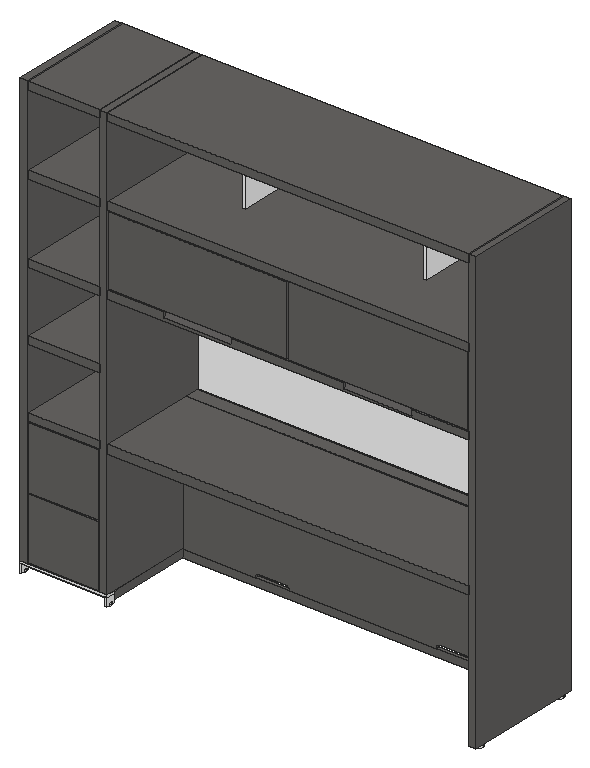
Revit family "Storage-Wall-Teknion-ZXLO_90_High_With_Lights-R2011", category Furniture Systems, Revit 2013
Parameters (values of type "(See Type Catalog)")
  Working Wall Finish [instance] = Glass - Teknion - K6 - White Backpainted
  Width = 92.642"
  Warranty = "http://www.teknionstudio.com/pdfs/Teknion%20Studio%20Warranty.pdf"
  Wall Unit Finish [instance] = Veneer - Teknion - P7 - Grey Oak
  Voltage = 120 V
  Unit Weight = 755.00 lbf
  URL = "www.teknionstudio.com"
  Storage Tower = Storage-Unit-Teknion-Tower : Upper Shelves & File/File Pedestal
  Series = "B&B Italia"
  Product Page URL = "http://www.teknionstudio.com/acexecutive/"
  Product Line = "AC Executive"
  Product Documentation Link = "http://www.teknionstudio.com/pricing/ac_executive_storage_walls_ppg.pdf"
  Power Factor = 1
  Part Number = "ZXLO"
  Number of Poles = 1
  Model = ""
  Manufacturer Phone = "919-464-2920"
  Manufacturer Fax = "919-464-2927"
  Manufacturer Email = "customersupport@teknionstudio.com"
  Manufacturer Address = "3940 US 70 Business HWY West, Clayton, NC 27520"
  Manufacturer = "Teknion Studio"  # constant formula
  Low Emitting Material = yes
  Low Emitting Finish = yes
  Height = 89 123/128"
  Description = ""
  Depth = 24"
  Assembly Code = "E2020200"
  Apparent Load = 22.8 VA
Reference planes (in)
  plane 1 "Center F/B": y = 0
  plane 2: z = 0
  plane 3 "Back": y = 12
  plane 4 "Front": y = -12
  plane 5 "DoorsTop": z = 73.81394
  plane 6: x = 28.60446
  plane 7: z = 29.68402
  plane 8: z = 56.1289
  plane 9: x = -44.7815
  plane 10: z = 2.1289
  plane 11: x = -8.08858
  plane 12 "Foot Centerline": y = -11.2126
  plane 13 "Foot Centerline Front": y = -10.22835
  plane 14 "Foot Centerline Back": y = 10.22835
  plane 15: y = -8.484
  plane 16: x = -62.49817
  plane 17: x = 30.14383
  plane 18 "Center L/R": x = -16.17717
  plane 19 "Top": z = 89.96094
Forms (in)
  Sweep 1, solid, material "Veneer - Teknion - P7 - Grey Oak" <- "Wall Unit Finish"
    path origin (0, 0, 0) x (1, 0, 0) y (0, 0, 1)
      loop
        line (-44.7815, 29.68402) -> (28.60446, 29.68402)
    profile origin (-8.08852, 0, 29.68402) x (0, 0, 1) y (0, -1, 0)
      loop
        line (0, 12) -> (-1.7638, 12) -> (-1.7638, -7.11393) -> (-5.30827, -7.11393) -> (-5.30827, -7.08268) -> (-27.55512, -7.08268) -> (-27.55512, -7.11393) -> (-29.0945, -7.11393) -> (-29.0945, -7.80668) -> (-5.30828, -7.80668) -> (-5.30828, -12) -> (44.12992, -12) -> (44.12992, 12) -> (42.59022, 12) -> (42.59022, 11.2126) -> (27.98392, 11.2126) -> (27.98392, 12) -> (26.44488, 12) -> (26.44488, -10.94094) -> (0, -10.94094) -> (0, -10.90969) -> (-0.72441, -10.90969) -> (-0.72441, -10.56693) -> (0, -10.56693) -> (0, -8.05709) -> (-0.72441, -8.05709) -> (-0.72441, -7.80709) -> (0, -7.80709) -> (0, 12)
      loop
        line (60.27692, -12) -> (60.27692, 12) -> (58.73755, 12) -> (58.73755, -12) -> (60.27692, -12)
  Sweep 2, solid, material "Veneer - Teknion - P7 - Grey Oak" <- "Wall Unit Finish"
    path origin (0, 0, 15.40683) x (-1, 0, 0) y (0, -1, 0)
      loop
        line (0, 12) -> (0, 11.276)
    profile origin (0, -11.638, 15.40683) x (-1, 0, 0) y (0, 0, 1)
      loop
        line (44.5315, 42.5111) -> (44.5315, 56.6174) -> (8.21358, 56.6174) -> (8.21358, 42.5111) -> (44.5315, 42.5111)
      loop
        line (7.96358, 56.6174) -> (-28.35446, 56.6174) -> (-28.35446, 42.5111) -> (7.96358, 42.5111) -> (7.96358, 56.6174)
  Sweep 3, void
    path origin (0, 0, 0) x (1, 0, 0) y (0, 0, 1)
      loop
        line (-33.3248, 56.1289) -> (-19.54528, 56.1289)
    profile origin (-26.43504, 0, 56.1289) x (0, 0, 1) y (0, -1, 0)
      loop
        line (1.53937, 12) -> (0.43699, 12) -> (1.53937, 11.52755) -> (1.53937, 12)
  Sweep 4, void
    path origin (0, 0, 0) x (1, 0, 0) y (0, 0, 1)
      loop
        line (3.36811, 56.1289) -> (17.14764, 56.1289)
    profile origin (10.25787, 0, 56.1289) x (0, 0, 1) y (0, -1, 0)
      loop
        line (1.53937, 11.52755) -> (1.53937, 12) -> (0.43699, 12) -> (1.53937, 11.52755)
  Sweep 5, void
    path origin (0, 0, 15.40683) x (-1, 0, 0) y (0, -1, 0)
      loop
        line (0, -7.80668) -> (0, -7.08268)
    profile origin (0, 7.44468, 15.40683) x (1, 0, 0) y (0, 0, 1)
      loop
        line (13.68307, 8.96892) -> (6.79331, 8.96892) -> (6.79331, 8.10396)
        arc (6.79331, 8.10396) -> (7.02393, 7.54718) -> (7.58071, 7.31655) r 0.7874
        line (7.58071, 7.31655) -> (12.89567, 7.31655)
        arc (12.89567, 7.31655) -> (13.45245, 7.54718) -> (13.68307, 8.10396) r 0.7874
        line (13.68307, 8.10396) -> (13.68307, 8.96892)
      loop
        line (6.79331, -13.27793) -> (13.68307, -13.27793) -> (13.68307, -13.12045)
        arc (13.68307, -13.12045) -> (13.46398, -12.59152) -> (12.93504, -12.37242) r 0.74803
        line (12.93504, -12.37242) -> (7.54134, -12.37242)
        arc (7.54134, -12.37242) -> (7.0124, -12.59152) -> (6.79331, -13.12045) r 0.74803
        line (6.79331, -13.12045) -> (6.79331, -13.27793)
      loop
        line (-29.86024, 8.96892) -> (-29.86024, 8.10396)
        arc (-29.86024, 8.10396) -> (-29.62961, 7.54718) -> (-29.07283, 7.31655) r 0.7874
        line (-29.07283, 7.31655) -> (-23.75787, 7.31655)
        arc (-23.75787, 7.31655) -> (-23.2011, 7.54718) -> (-22.97047, 8.10396) r 0.7874
        line (-22.97047, 8.10396) -> (-22.97047, 8.96892) -> (-29.86024, 8.96892)
      loop
        line (-22.97047, -13.27793) -> (-22.97047, -13.12045)
        arc (-22.97047, -13.12045) -> (-23.18957, -12.59152) -> (-23.7185, -12.37242) r 0.74803
        line (-23.7185, -12.37242) -> (-29.1122, -12.37242)
        arc (-29.1122, -12.37242) -> (-29.64114, -12.59152) -> (-29.86024, -13.12045) r 0.74803
        line (-29.86024, -13.12045) -> (-29.86024, -13.27793) -> (-22.97047, -13.27793)
  Revolve 6, solid, material "Metal - Teknion - C6 - Chrome"
    sketch origin (0, -10.22835, 0) x (0, 0, 1) y (1, 0, 0)
      loop
        line (0, 29.37415) -> (0, 28.63616) -> (0.23622, 28.63616) -> (0.23622, 29.09181) -> (0.58951, 29.09181) -> (0.58951, 29.37415) -> (0, 29.37415)
      axis (0, 29.37415) -> (0.58951, 29.37415)
    angle from 0 to 360
  Revolve 7, solid, material "Metal - Teknion - C6 - Chrome"
    sketch origin (0, 10.22835, 0) x (0, 0, 1) y (1, 0, 0)
      loop
        line (0, 29.37415) -> (0, 28.63616) -> (0.23622, 28.63616) -> (0.23622, 29.09181) -> (0.58951, 29.09181) -> (0.58951, 29.37415) -> (0, 29.37415)
      axis (0, 29.37415) -> (0.58951, 29.37415)
    angle from 0 to 360
  Sweep 8, solid, material "Veneer - Teknion - P7 - Grey Oak" <- "Wall Unit Finish"
    path origin (-16.17717, 0, 15.40683) x (1, 0, 0) y (0, 1, 0)
      loop
        line (0, 12) -> (0, -12)
    profile origin (-16.17717, 0, 15.40683) x (1, 0, 0) y (0, 0, 1)
      loop
        line (46.321, -14.81732) -> (46.321, 74.55411) -> (44.78163, 74.55411) -> (44.78163, -14.81732) -> (46.321, -14.81732)
  Sweep 9, solid, material "Acrylic - Teknion - Clear"
    path origin (1.7231, 0, 16.35352) x (-1, 0, 0) y (0, -1, 0)
      loop
        line (17.90027, -11.25197) -> (17.90027, 0.16535)
    profile origin (-16.17717, 5.54331, 16.35352) x (1, 0, 0) y (0, 0, 1)
      loop
        line (-10.56841, 72.06711) -> (-10.56841, 57.46041) -> (-9.97392, 57.46041) -> (-9.97392, 72.06711) -> (-10.56841, 72.06711)
      loop
        line (26.15108, 72.06711) -> (26.15108, 57.46041) -> (26.74557, 57.46041) -> (26.74557, 72.06711) -> (26.15108, 72.06711)
Cuts and joins
  Sweep 3, Sweep 4, Sweep 5 cuts Sweep 1
Lines and regions (in)
  Masking region 1
    outline origin (0, 0, 15.40683) x (-1, 0, 0) y (0, -1, 0)
      loop
        line (44.7815, -12) -> (44.7815, 12) -> (-30.14383, 12) -> (-30.14383, -12) -> (44.7815, -12)
  symbolic lines, style "Elevation Swing"
    curve 1: line (-44.7815, -12, 57.66827) -> (-26.43504, -12, 72.02424)
    curve 2: line (-8.08858, -12, 57.66832) -> (-26.43504, -12, 72.02424)
    curve 3: line (-8.08858, 0, 57.66832) -> (10.25794, 0, 72.19583)
    curve 4: line (10.25794, 0, 72.19583) -> (28.60446, 0, 57.66827)
  symbolic lines, detail levels medium+fine
    curve 5: line (-44.7815, 12, 15.40683) -> (-44.7815, -12, 15.40683)
  symbolic lines, style "FurnitureSystemsHiddenLines", detail levels fine
    curve 6: line (28.60446, -11.276, 15.40683) -> (-44.7815, -11.276, 15.40683)
Dimensions and locks (in)
  equal spacing: plane 3 "Back", plane 1 "Center F/B", plane 4 "Front"
  "Depth": plane 3 "Back" to plane 4 "Front"
  "Height": plane 19 "Top" to plane 2
  locked: plane 7 to plane 2 at 29.68402
  locked: plane 8 to plane 7 at 26.44488
  locked: plane 10 to plane 2 at 2.1289
  locked: plane 4 "Front" to plane 12 "Foot Centerline" at 0.7874
  locked: plane 10 to Sweep 1 sketch curve at 1.53939
  locked: plane 7 to Sweep 1 sketch curve at 1.7638
  locked: plane 4 "Front" to Sweep 2 sketch curve at 0.724
  plane 5 "DoorsTop" to Sweep 2 sketch curve to Sweep 2 sketch curve = 1.7897", 14.1063"  (x2)
  Sweep 2 sketch curve to Sweep 2 sketch curve to Sweep 2 sketch curve to Sweep 2 sketch curve = 36.31805", 1/4", 36.31791"
  locked: Sweep 3 sketch curve to Sweep 3 sketch curve at 13.77953
  locked: Sweep 3 sketch curve to plane 8 at 1.53937
  locked: Sweep 3 sketch curve to plane 8 at 0.43699
  locked: plane 4 "Front" to Sweep 3 sketch curve at 0.47245
  Sweep 4 sketch curve to Sweep 4 sketch curve to plane 8 = 1.10238" locked, 0.43699" locked
  locked: plane 4 "Front" to Sweep 4 sketch curve at 0.47245
  locked: Sweep 5 sketch curve to plane 10 at 0.90551  (x2)
  locked: Sweep 5 sketch curve to Sweep 5 sketch curve at 6.88976  (x4)
  plane 7 to Sweep 5 sketch curve to Sweep 5 sketch curve = 5.30827" locked, 1 167/256" locked  (x2)
  plane 3 "Back" to Sweep 5 sketch curve to Sweep 5 sketch curve = 4.19332" locked, 0.724" locked
  Revolve 6 sketch curve to Revolve 6 sketch curve to plane 2 = 0.35329" locked, 0.23622" locked
  Revolve 7 sketch curve to Revolve 7 sketch curve to plane 2 = 0.35329" locked, 0.23622" locked
  equal spacing: plane 11, curve 2, plane 9
  equal spacing: plane 6, curve 4, plane 11
  locked: plane 4 "Front" to curve 6 at 0.724
  locked: plane 3 "Back" to plane 14 "Foot Centerline Back" at 1.77165
  locked: plane 4 "Front" to plane 13 "Foot Centerline Front" at 1.77165
  locked: plane 4 "Front" to plane 15 at 3.516
  locked: plane 6 to plane 17 at 1.53937
  locked: plane 16 to plane 9 at 17.71667
  "Width": plane 16 to plane 17
  locked: plane 18 "Center L/R" to plane 11 at 8.08858
  equal spacing: plane 16, plane 18 "Center L/R", plane 17
  locked: plane 17 to Revolve 6 sketch curve at 0.76969
  locked: Sweep 8 sketch curve to plane 2 at 0.58951
  locked: Revolve 7 sketch curve to plane 17 at 0.76969
  locked: plane 19 "Top" to plane 5 "DoorsTop" at 16.147
  locked: Sweep 9 sketch curve to Sweep 9 sketch curve at 11.41732
  locked: Sweep 9 sketch curve to Sweep 9 sketch curve at 0.59449  (x2)
  locked: Sweep 9 sketch curve to plane 11 at 18.0625
  locked: plane 3 "Back" to Sweep 9 sketch curve at 0.74803
  equal spacing: Sweep 9 sketch curve, plane 11, Sweep 9 sketch curve
  locked: plane 19 "Top" to Sweep 9 sketch curve at 1.54031  (x2)
  locked: plane 19 "Top" to Sweep 1 sketch curve at 1.53937
  locked: plane 5 "DoorsTop" to Sweep 1 sketch curve at 1.5397
  locked: Sweep 1 sketch curve to plane 8 at 1.53904
  aligned and locked: level to plane 2
  aligned and locked: plane 9 to Sweep 1 sketch curve
  aligned and locked: plane 6 to Sweep 1 sketch curve
  aligned and locked: Sweep 1 sketch curve to plane 7  (x4)
  aligned and locked: Sweep 1 sketch curve to plane 4 "Front"  (x2)
  aligned and locked: plane 3 "Back" to Sweep 1 sketch curve  (x2)
  aligned and locked: plane 4 "Front" to Sweep 2 sketch curve
  aligned and locked: Sweep 1 sketch curve to plane 8
  aligned and locked: Sweep 3 sketch curve to plane 8
  aligned and locked: Sweep 4 sketch curve to plane 8
  aligned and locked: Sweep 4 sketch curve to plane 4 "Front"
  aligned and locked: Sweep 5 sketch curve to plane 10
  aligned and locked: plane 2 to Revolve 6 sketch curve
  aligned and locked: Revolve 7 sketch curve to plane 2
  aligned and locked: plane 9 to curve 1
  aligned and locked: plane 11 to curve 2
  aligned and locked: Sweep 2 to curve 2
  aligned and locked: plane 6 to curve 4
  aligned and locked: plane 11 to curve 3
  aligned and locked: Masking region 1 sketch curve to plane 3 "Back"
  aligned and locked: Masking region 1 sketch curve to plane 4 "Front"
  aligned and locked: plane 3 "Back" to curve 5
  aligned and locked: plane 4 "Front" to curve 5
  aligned and locked: curve 5 to plane 9
  aligned and locked: plane 6 to curve 6
  aligned and locked: plane 4 "Front" to Sweep 3 sketch curve
  aligned and locked: Sweep 1 sketch curve to plane 5 "DoorsTop"
  aligned and locked: plane 12 "Foot Centerline" to Sweep 1 sketch curve
  aligned and locked: plane 4 "Front" to Sweep 1 sketch curve  (x2)
  aligned: plane 8 to nested 1
  aligned: plane 11 to nested 1
  aligned and locked: nested 1 to plane 15
  aligned and locked: plane 8 to nested 1
  aligned and locked: plane 11 to nested 1
  aligned and locked: plane 10 to Sweep 5 sketch curve
  aligned and locked: plane 9 to Masking region 1 sketch curve
  aligned and locked: plane 17 to Masking region 1 sketch curve
  aligned and locked: nested 2 to plane 1 "Center F/B"
  aligned and locked: nested 2 to plane 9
  aligned and locked: nested 2 to plane 2
  aligned and locked: Revolve 6 sketch curve to Revolve 6 sketch curve
  aligned and locked: Sweep 8 sketch curve to plane 17
  aligned and locked: Sweep 8 sketch curve to plane 6
  aligned and locked: Revolve 7 sketch curve to Revolve 7 sketch curve
  aligned and locked: plane 18 "Center L/R" to Sweep 9 sketch curve
  aligned and locked: plane 5 "DoorsTop" to Sweep 9 sketch curve  (x2)
  aligned and locked: Sweep 1 sketch curve to plane 19 "Top"
  aligned and locked: plane 19 "Top" to Sweep 8 sketch curve
Automatic sketch dimensions
  plane 8 to curve 4 = 1.53937"
  plane 8 to curve 3 = 1.53942"
  curve 4 to plane 5 "DoorsTop" = 1.61811"
  plane 8 to curve 2 = 1.53942"
  plane 8 to curve 1 = 1.53937"
  Sweep 4 sketch curve to plane 6 = 11.45683"
  Sweep 5 sketch curve to Sweep 5 sketch curve = 0.74803"  (x4)
  Sweep 5 sketch curve to Sweep 5 sketch curve = 0.7874"  (x5)
  plane 4 "Front" to Sweep 8 sketch curve = 0"
  Sweep 8 sketch curve to plane 3 "Back" = 0"
  Sweep 8 sketch curve to plane 11 = 8.08858"
  plane 11 to Sweep 2 sketch curve = 8.08858"
  plane 11 to Sweep 4 sketch curve = 11.45669"
  plane 11 to Sweep 5 sketch curve = 8.08858"
  profile plane to Sweep 5 sketch curve = 29.86024"
  Sweep 5 sketch curve to profile plane = 6.79331"  (x2)
  Revolve 6 sketch curve to level = 0"
  plane 10 to Revolve 6 sketch curve = 0.71099"
  plane 6 to Revolve 6 sketch curve = 0.03169"
  Revolve 6 sketch curve to Revolve 6 sketch curve = 0.28234"
  Revolve 7 sketch curve to level = 0"
  Revolve 7 sketch curve to plane 10 = 161/256"
  plane 6 to Revolve 7 sketch curve = 0.03169"
  Revolve 7 sketch curve to Revolve 7 sketch curve = 0.28234"
  Sweep 1 sketch curve to Sweep 1 sketch curve = 1.53939"
  Sweep 1 sketch curve to Sweep 1 sketch curve = 3.54449"
  Sweep 1 sketch curve to Sweep 1 sketch curve = 0"
  profile plane to Sweep 1 sketch curve = 0.72441"  (x2)
  Sweep 1 sketch curve to plane 1 "Center F/B" = 10.94094"
  Sweep 1 sketch curve to Sweep 1 sketch curve = 1/32"  (x2)
  Sweep 1 sketch curve to Sweep 1 sketch curve = 0.34277"
  Sweep 1 sketch curve to Sweep 1 sketch curve = 2.50984"
  Sweep 1 sketch curve to Sweep 1 sketch curve = 1/4"
  Sweep 1 sketch curve to Sweep 1 sketch curve = 4.19332"
  Sweep 1 sketch curve to Sweep 1 sketch curve = 0.69316"
  Sweep 1 sketch curve to Sweep 1 sketch curve = 0.69275"
Nested families (in)
  nested 1: "Lighting-Teknion-Storage_Wall" at (-8.08858, 0.12401, 56.1289), type "Lighting-Teknion-Storage_Wall"
  nested 2: "Storage-Unit-Teknion-Tower" at (-53.63976, 0, 0) x (-1, 0, 0) z (0, 0, 1), type <- "Storage Tower", Height <- "Height", type "Upper Shelves & File/File Pedestal"
    with Height 89 123/128", Has Top Shelf yes, Bottom Drawer Height 13.047"
Connectors (in)
  electrical at (-8.08852, 12, 49.09483), driven by "Number of Poles", driven by "Voltage", driven by "Apparent Load", driven by "Power Factor"
    settings: on cut or joined group of Sweep 1, Sweep 3, Sweep 4, Sweep 5, index 1, voltage 120 V, apparent load 0 VA, apparent load phase1 22.8 VA, apparent load phase2 0 VA, apparent load phase3 0 VA, power factor 1, load classification "Other", number of poles 1, system type 31, power factor state 1, is connector primary yes, connector utility no, sub classification motor no, connector description "Electrical Connector"
Definition of nested family "Lighting-Teknion-Storage_Wall"
  Parameters (values of type "Lighting-Teknion-Storage_Wall")
    Wattage = 4.03926 W
    built-in parameter 1150110 = 1 (stored number, unit not read)
    built-in parameter 1114217 = 1 (stored number, unit not read)
    built-in parameter 1150109 = 1 (stored number, unit not read)
    built-in parameter 1150134 = 1
    built-in parameter 1150113 = 1 (stored number, unit not read)
    Offset From Reference Level = 0"
    Lumens = 600 lm
    built-in parameter 1150115 = 1 (stored number, unit not read)
    built-in parameter 1150105 = 190.99 (stored number, unit not read)
    Light Source Symbol Size = 3"
    built-in parameter 1150137 = (empty or 0)
    built-in parameter 1150139 = (empty or 0)
    built-in parameter 1150112 = 1 (stored number, unit not read)
    built-in parameter 1150114 = 1 (stored number, unit not read)
    built-in parameter 1150132 = 2
    built-in parameter 1150102 = (empty or 0)
    built-in parameter 1150138 = (empty or 0)
    built-in parameter 1150107 = 6500 (stored number, unit not read)
    built-in parameter 1150106 = 1.9099 (stored number, unit not read)
    Emit from Line Length = 68"
    built-in parameter 1150104 = 13.8 (stored number, unit not read)
    Dimming Lamp Color Temperature Shift = 1
    Default Elevation = 48"
    Color Filter = 16776172
    built-in parameter 1114218 = 1 (stored number, unit not read)
    built-in parameter 1150133 = 10 (stored number, unit not read)
    Assembly Code = ""
  Reference planes (in)
    plane 1 "Light Source Axis (F/B)": y = -8.60801
    plane 2: z = 0
    plane 3 "Light Source Axis (L/R)": x = 0
    plane 4 "Light Source Elevation": z = 0
    plane 5: z = 0
    plane 6: x = -36.6875
    plane 7: x = 36.6875
  Forms (in)
    Sweep 1, solid, material "Glass - Teknion - CL - Clear"
      path origin (0, 0, 0) x (1, 0, 0) y (0, 1, 0)
        loop
          line (-36.6875, -8.60801) -> (36.6875, -8.60801)
      profile origin (0, -8.60801, 0) x (0, 1, 0) y (0, 0, 1)
        loop
          line (-0.51562, 0) -> (-0.51562, -0.40625) -> (0.51563, -0.40625) -> (0.51563, 0) -> (-0.51562, 0)
  Dimensions and locks (in)
    equal spacing: plane 7, plane 3 "Light Source Axis (L/R)", plane 6
    locked: plane 7 to plane 6 at 73.375
    locked: plane 5 to Sweep 1 sketch curve at 0.40625
    equal spacing: Sweep 1 sketch curve, plane 1 "Light Source Axis (F/B)", Sweep 1 sketch curve
    locked: Sweep 1 sketch curve to Sweep 1 sketch curve at 1.03125
    aligned and locked: plane 3 "Light Source Axis (L/R)" to imposter light
    aligned and locked: plane 1 "Light Source Axis (F/B)" to imposter light
    aligned and locked: plane 4 "Light Source Elevation" to imposter light
    aligned and locked: level to plane 5
    aligned and locked: plane 5 to plane 2
    aligned and locked: plane 6 to Sweep 1 sketch curve
    aligned and locked: plane 7 to Sweep 1 sketch curve
    aligned and locked: plane 1 "Light Source Axis (F/B)" to Sweep 1 sketch curve
    aligned and locked: Sweep 1 sketch curve to profile plane
Definition of nested family "Storage-Unit-Teknion-Tower"
  Parameters (values of type "Upper Wardrobe & Lower Door")
    Width = 17.71654"
    Warranty = "http://www.teknionstudio.com/pdfs/Teknion%20Studio%20Warranty.pdf"
    Wall Unit Finish = Veneer - Teknion - P8 - Light Brushed Oak
    URL = "www.teknionstudio.com"
    Series = "B&B Italia"
    Product Line = "AC Executive"
    Model = ""
    Middle Drawer Height = if(Has Top Drawer, 6.425", 12.719")  # 12.719"
    Manufacturer Phone = "919-464-2920"
    Manufacturer Fax = "919-464-2927"
    Manufacturer Email = "customersupport@teknionstudio.com"
    Manufacturer Address = "3940 US 70 Business HWY West, Clayton, NC 27520"
    Manufacturer = "Teknion Studio"  # constant formula
    Height [instance] = 73.81394"
    Has Top Shelf [instance] = and(Height > 75", Has Shelves)  # no
    Has Top Drawer = no
    Has Top Door = yes
    Has Shelves = no
    Has Right Leg = yes
    Has Middle Drawer = no
    Has Lower Shelf = yes
    Has Left Leg = yes
    Has Full Wardrobe Door = no
    Has Doors = yes
    Door Projection Symbol = yes
    Description = "Tower Storage Unit"
    Depth = 24"
    Bottom Drawer Height [instance] = if(Has Middle Drawer, 13.047", if(Has Top Drawer, 13.047", if(Has Full Wardrobe Door, (Height - 3.668"), 26.016")))  # 26.016"
    Assembly Code = "E2010200"
  Types (7): name | Wall Unit Finish | Series | Product Line | Middle Drawer Height | Has Top Drawer | Has Top Door | Has Shelves | Has Middle Drawer | Has Lower Shelf | Has Full Wardrobe Door | Has Doors | Door Projection Symbol | Bottom Drawer Height
    Upper Shelves & Lower Door | none | "AC Executive" | "" | 12.719" | no | no | yes | no | yes | no | yes | yes | 26.016"
    Upper Shelves & File/File Pedestal | none | "AC Executive" | "" | 12.719" | no | no | yes | yes | yes | no | no | no | 13.047"
    Upper Shelves & Box/Box/File Pedestal | Veneer - Teknion - P8 - Light Brushed Oak | "AC Executive" | "" | 6.425" | yes | no | yes | yes | yes | yes | no | no | 13.047"
    Full Wardrobe | none | "AC Executive" | "" | 12.719" | no | no | no | no | no | yes | yes | yes | 70.14594"
    Upper Wardrobe & Lower Door | Veneer - Teknion - P8 - Light Brushed Oak | "B&B Italia" | "AC Executive" | 12.719" | no | yes | no | no | yes | no | yes | yes | 26.016"
    Upper Wardrobe & File/File Pedestal | none | "AC Executive" | "" | 12.719" | no | yes | no | yes | yes | no | no | yes | 13.047"
    Upper Wardrobe & Box/Box/File Pedestal | none | "AC Executive" | "" | 6.425" | yes | yes | no | yes | yes | no | no | yes | 13.047"
  Reference planes (in)
    plane 1 "Center F/B": y = 0
    plane 2: z = 0
    plane 3 "Center L/R": x = 0
    plane 4 "Left": x = -8.85827
    plane 5 "Right": x = 8.85827
    plane 6 "Back": y = 12
    plane 7 "Front": y = -12
    plane 8 "Top": z = 73.81394
    plane 9: x = -7.3189
    plane 10: x = 7.3189
    plane 11: z = 2.1289
    plane 12 "Foot Centerline": y = -11.2126
    plane 13: z = 29.68402
    plane 14 "Drawer 1 Top": z = 28.1449
    plane 15 "Drawer 2 Top": z = 40.8639
    plane 16 "Drawer 3 Top": z = 27.89502
    plane 17: z = 42.13677
  Forms (in)
    Sweep 1, solid, material "Metal - Teknion - C6 - Chrome", visible <- "Has Left Leg"
      path origin (0, -12, 0) x (1, 0, 0) y (0, 0, 1)
        loop
          line (-8.85827, 1.7349) -> (-8.85827, 0.05803)
      profile origin (-8.85827, -12, 0.89646) x (0, -1, 0) y (1, 0, 0)
        loop
          line (-1.5748, 0) -> (0, 0) -> (0, 0.394) -> (-1.5748, 0.394) -> (-1.5748, 0)
    Sweep 2, solid, material "Metal - Teknion - C6 - Chrome"
      path origin (0, -12, 0) x (1, 0, 0) y (0, 0, 1)
        loop
          line (-8.46427, 2.1289) -> (8.46427, 2.1289)
      profile origin (0, -12, 2.1289) x (0, 0, 1) y (0, -1, 0)
        loop
          line (-0.394, -1.5748) -> (-0.394, -1.3778) -> (-1.575, -1.3778) -> (-1.575, -1.5748) -> (-0.394, -1.5748)
    Revolve 3, solid, material "Metal - Teknion - C6 - Chrome"
      sketch origin (0, -11.2126, 0) x (0, 0, -1) y (1, 0, 0)
        loop
          line (-0.4911, 8.32677) -> (-0.45173, 8.2874) -> (-0.28492, 8.2874) -> (-0.24555, 8.32677) -> (-0.20618, 8.2874) -> (-0.03937, 8.2874) -> (0, 8.32677) -> (0, 8.66142) -> (-0.4911, 8.66142) -> (-0.4911, 8.32677)
        axis (0, 8.66142) -> (-0.4911, 8.66142)
      angle from 0 to 360
    Revolve 4, solid, material "Metal - Teknion - C6 - Chrome", visible <- "Has Left Leg"
      sketch origin (0, -11.2126, 0) x (0, 0, -1) y (1, 0, 0)
        loop
          line (0, -8.99606) -> (0, -8.66142) -> (-0.4911, -8.66142) -> (-0.4911, -8.99606) -> (-0.45173, -9.03543) -> (-0.28492, -9.03543) -> (-0.24555, -8.99606) -> (-0.20618, -9.03543) -> (-0.03937, -9.03543) -> (0, -8.99606)
        axis (0, -8.66142) -> (-0.4911, -8.66142)
      angle from 0 to 360
    Sweep 5, solid, material "Veneer - Teknion - P8 - Light Brushed Oak" <- "Wall Unit Finish"
      path origin (0, 0, 0) x (1, 0, 0) y (0, 0, 1)
        loop
          line (0, 2.1289) -> (0, 73.81394)
      profile origin (0, 0, 37.97142) x (-1, 0, 0) y (0, -1, 0)
        loop
          line (8.85827, -12) -> (8.85827, 12) -> (7.3189, 12) -> (7.3189, -12) -> (8.85827, -12)
        loop
          line (-7.3189, 12) -> (-8.85827, 12) -> (-8.85827, -12) -> (-7.3189, -12) -> (-7.3189, 12)
    Sweep 6, solid, material "Veneer - Teknion - P8 - Light Brushed Oak" <- "Wall Unit Finish"
      path origin (0, 0, 15.40683) x (-1, 0, 0) y (0, -1, 0)
        loop
          line (0, -12) -> (0, 12)
      profile origin (0, 0, 15.40683) x (1, 0, 0) y (0, 0, 1)
        loop
          line (-7.3189, 58.4071) -> (-7.3189, 56.86773) -> (7.3189, 56.86773) -> (7.3189, 58.4071) -> (-7.3189, 58.4071)
    Sweep 7, solid, material "Veneer - Teknion - P8 - Light Brushed Oak" <- "Wall Unit Finish"
      path origin (0, -12, 0) x (1, 0, 0) y (0, 0, 1)
        loop
          line (0, 2.1289) -> (0, 72.27457)
      profile origin (0, -12, 37.20173) x (-1, 0, 0) y (0, -1, 0)
        loop
          line (7.3189, -24) -> (7.3189, -23.25) -> (-7.3189, -23.25) -> (-7.3189, -24) -> (7.3189, -24)
    Sweep 8, solid, material "Veneer - Teknion - P8 - Light Brushed Oak" <- "Wall Unit Finish", visible <- "Has Lower Shelf"
      path origin (0, -12, 0) x (1, 0, 0) y (0, 0, 1)
        loop
          line (-7.3189, 29.68402) -> (7.3189, 29.68402)
      profile origin (0, -12, 29.68402) x (0, 0, 1) y (0, -1, 0)
        loop
          line (0, 0) -> (-1.539, 0) -> (-1.539, -0.724) -> (-27.55512, -0.724) -> (-27.55512, -23.25) -> (0, -23.25) -> (0, 0)
    Sweep 9, solid, material "Veneer - Teknion - P8 - Light Brushed Oak" <- "Wall Unit Finish"
      path origin (0, -12, 0) x (1, 0, 0) y (0, 0, 1)
        loop
          line (0, 2.3789) -> (0, 27.8949)
      profile origin (0, -12, 15.1369) x (-1, 0, 0) y (0, -1, 0)
        loop
          line (7.0689, -0.724) -> (7.0689, 0) -> (-7.0689, 0) -> (-7.0689, -0.724) -> (7.0689, -0.724)
    Sweep 10, solid, material "Veneer - Teknion - P8 - Light Brushed Oak" <- "Wall Unit Finish", visible <- "Has Middle Drawer"
      path origin (0, -12, 0) x (1, 0, 0) y (0, 0, 1)
        loop
          line (0, 28.1449) -> (0, 40.8639)
      profile origin (0, -12, 34.5044) x (-1, 0, 0) y (0, -1, 0)
        loop
          line (7.0689, -0.724) -> (7.0689, 0) -> (-7.0689, 0) -> (-7.0689, -0.724) -> (7.0689, -0.724)
    Sweep 11, solid, material "Veneer - Teknion - P8 - Light Brushed Oak" <- "Wall Unit Finish", visible <- "Has Top Drawer"
      path origin (0, -12, 0) x (1, 0, 0) y (0, 0, 1)
        loop
          line (0, 47.15802) -> (0, 41.1139)
      profile origin (0, -12, 44.13596) x (0, -1, 0) y (1, 0, 0)
        loop
          line (0, 7.0689) -> (-0.724, 7.0689) -> (-0.724, -7.0689) -> (0, -7.0689) -> (0, 7.0689)
    Sweep 12, solid, material "Veneer - Teknion - P8 - Light Brushed Oak" <- "Wall Unit Finish", visible <- "Has Shelves"
      path origin (0, -12, 0) x (1, 0, 0) y (0, 0, 1)
        loop
          line (0, 42.13677) -> (0, 43.67614)
      profile origin (0, -12, 42.90646) x (-1, 0, 0) y (0, -1, 0)
        loop
          line (7.3189, -23.25) -> (7.3189, 0) -> (-7.3189, 0) -> (-7.3189, -23.25) -> (7.3189, -23.25)
    Sweep 13, solid, material "Veneer - Teknion - P8 - Light Brushed Oak" <- "Wall Unit Finish", visible <- "Has Shelves"
      path origin (0, -12, 13.9918) x (1, 0, 0) y (0, 0, 1)
        loop
          line (0, 42.13677) -> (0, 43.67614)
      profile origin (0, -12, 56.89825) x (-1, 0, 0) y (0, -1, 0)
        loop
          line (7.3189, -23.25) -> (7.3189, 0) -> (-7.3189, 0) -> (-7.3189, -23.25) -> (7.3189, -23.25)
    Sweep 14, solid, material "Veneer - Teknion - P8 - Light Brushed Oak" <- "Wall Unit Finish", visible <- "Has Top Door"
      path origin (0, -12, 0) x (1, 0, 0) y (0, 0, 1)
        loop
          line (0, 29.93402) -> (0, 72.02457)
      profile origin (0, -12, 50.97929) x (-1, 0, 0) y (0, -1, 0)
        loop
          line (7.0689, -0.724) -> (7.0689, 0) -> (-7.0689, 0) -> (-7.0689, -0.724) -> (7.0689, -0.724)
    Sweep 15, solid, material "Veneer - Teknion - P8 - Light Brushed Oak" <- "Wall Unit Finish"
      path origin (0, -12, 0) x (1, 0, 0) y (0, 0, 1)
        loop
          line (-8.85827, 2.1289) -> (8.85827, 2.1289)
      profile origin (0, -12, 2.1289) x (0, 0, 1) y (0, -1, 0)
        loop
          line (0, -1.5748) -> (-1.53937, -1.5748) -> (-1.53937, -24) -> (0, -24) -> (0, -1.5748)
    Sweep 16, solid, material "Veneer - Teknion - P8 - Light Brushed Oak" <- "Wall Unit Finish", visible <- "Has Top Shelf"
      path origin (0, 0, 0) x (1, 0, 0) y (0, 0, 1)
        loop
          line (0, 73.81394) -> (0, 72.27457)
      profile origin (0, 0, 73.04425) x (0, -1, 0) y (1, 0, 0)
        loop
          line (-11.25, -7.3189) -> (12, -7.3189) -> (12, 7.3189) -> (-11.25, 7.3189) -> (-11.25, -7.3189)
    Sweep 17, solid, material "Metal - Teknion - C6 - Chrome"
      path origin (0, 0, 0) x (1, 0, 0) y (0, 0, 1)
        loop
          line (-8.85827, 2.1289) -> (8.85827, 2.1289)
      profile origin (0, 0, 2.1289) x (0, 0, 1) y (0, -1, 0)
        loop
          line (0, 10.4252) -> (0, 12) -> (-0.394, 12) -> (-0.394, 10.4252) -> (0, 10.4252)
    Sweep 18, solid, material "Metal - Teknion - C6 - Chrome"
      path origin (0, 0, 0) x (1, 0, 0) y (0, 0, 1)
        loop
          line (8.85827, 1.7349) -> (8.85827, 0.05803)
      profile origin (8.85827, 0, 0.89646) x (0, -1, 0) y (1, 0, 0)
        loop
          line (10.4252, -0.394) -> (12, -0.394) -> (12, 0) -> (10.4252, 0) -> (10.4252, -0.394)
  Lines and regions (in)
    Masking region 1
      outline origin (0, 0, 15.40683) x (-1, 0, 0) y (0, -1, 0)
        loop
          line (8.85827, -12) -> (8.85827, 12) -> (-8.85827, 12) -> (-8.85827, -12) -> (8.85827, -12)
    symbolic lines, style "FurnitureSystems", detail levels medium+fine
      curve 1: line (-7.3189, 12, 15.40683) -> (-7.3189, -12, 15.40683)
      curve 2: line (7.3189, 12, 15.40683) -> (7.3189, -12, 15.40683)
    symbolic lines, style "FurnitureSystemsHiddenLines", detail levels fine
      curve 3: line (-7.3189, -11.276, 15.40683) -> (7.3189, -11.276, 15.40683)
    symbolic lines, style "Elevation Swing", visible <- "Has Doors"
      curve 4: line (-7.3189, -12, 2.1289) -> (7.3189, -12, 15.1369)
      curve 5: line (7.3189, -12, 15.1369) -> (-7.3189, -12, 28.1449)
    symbolic lines, style "Elevation Swing", visible <- "Has Top Door"
      curve 6: line (-7.3189, -12, 29.68402) -> (7.3189, -12, 50.97929)
      curve 7: line (7.3189, -12, 50.97929) -> (-7.3189, -12, 72.27457)
    symbolic lines, style "FurnitureSystems", visible <- "Door Projection Symbol"
      curve 8: arc (-7.3189, -12, 0) -> (-3.03159, -22.35048, 0) -> (7.3189, -26.6378, 0) r 14.6378
    symbolic lines, visible <- "Door Projection Symbol"
      curve 9: line (7.3189, -12, 15.40683) -> (7.3189, -26.6378, 15.40683)
  Dimensions and locks (in)
    equal spacing: plane 4 "Left", plane 3 "Center L/R", plane 5 "Right"
    "Width": plane 4 "Left" to plane 5 "Right"
    equal spacing: plane 6 "Back", plane 1 "Center F/B", plane 7 "Front"
    "Depth": plane 6 "Back" to plane 7 "Front"
    locked: plane 4 "Left" to plane 9 at 1.53937
    locked: plane 10 to plane 5 "Right" at 1.53937
    "Height": plane 8 "Top" to level
    locked: Sweep 1 sketch curve to level at 0.05803
    locked: plane 11 to plane 2 at 2.1289
    plane 11 to Sweep 2 sketch curve to Sweep 2 sketch curve = 0.394" locked, 1.181" locked
    plane 7 "Front" to Sweep 2 sketch curve to Sweep 2 sketch curve = 1.3778" locked, 0.197" locked
    locked: Revolve 3 sketch curve to plane 2 at 0.4911  (x2)
    locked: plane 5 "Right" to Revolve 3 sketch curve at 0.57087
    locked: plane 7 "Front" to plane 12 "Foot Centerline" at 0.7874
    Revolve 3 sketch curve to Revolve 3 sketch curve to Revolve 3 sketch curve to Revolve 3 sketch curve to plane 2 = 0.16681" locked, 0.07874" locked, 0.16681" locked, 0.03937" locked
    locked: Revolve 4 sketch curve to plane 2 at 0.4911  (x2)
    locked: Revolve 4 sketch curve to Revolve 4 sketch curve at 0.37402
    Revolve 4 sketch curve to Revolve 4 sketch curve to Revolve 4 sketch curve to Revolve 4 sketch curve to plane 2 = 0.16681" locked, 0.07874" locked, 0.16681" locked, 0.03937" locked
    locked: Revolve 4 sketch curve to plane 4 "Left" at 0.19685
    locked: plane 8 "Top" to Sweep 6 sketch curve at 1.53937
    locked: plane 8 "Top" to Sweep 7 sketch curve at 1.53937
    locked: plane 6 "Back" to Sweep 7 sketch curve at 0.75
    locked: plane 13 to plane 2 at 29.68402
    locked: plane 7 "Front" to Sweep 8 sketch curve at 0.724
    locked: plane 13 to Sweep 8 sketch curve at 1.539
    locked: plane 13 to plane 16 "Drawer 3 Top" at 1.789
    "Bottom Drawer Height": plane 14 "Drawer 1 Top" to plane 11
    "Middle Drawer Height": plane 15 "Drawer 2 Top" to plane 14 "Drawer 1 Top"
    locked: plane 14 "Drawer 1 Top" to Sweep 9 sketch curve at 0.25
    locked: plane 7 "Front" to Sweep 9 sketch curve at 0.724
    locked: Sweep 10 sketch curve to plane 12 "Foot Centerline" at 0.0634
    locked: plane 7 "Front" to Sweep 11 sketch curve at 0.724
    locked: plane 17 to plane 13 at 12.45276
    group 1 to group 2 = 0"  (x2)
    group 1 to group 2 = 13.9918"
    locked: Sweep 13 to plane 17 at 13.9918
    locked: plane 8 "Top" to Sweep 14 sketch curve at 1.78937
    locked: Sweep 14 sketch curve to plane 13 at 0.25
    locked: plane 7 "Front" to Sweep 14 sketch curve at 0.724
    locked: plane 11 to Sweep 15 sketch curve at 1.53937
    locked: plane 7 "Front" to Sweep 15 sketch curve at 1.5748
    equal spacing: Sweep 6, curve 7, plane 13
    equal spacing: plane 14 "Drawer 1 Top", curve 5, plane 11
    locked: plane 6 "Back" to Sweep 16 sketch curve at 0.75
    Sweep 16 sketch curve to Sweep 16 sketch curve to plane 2 = 1.53937" locked, 72.27457" locked
    locked: Sweep 9 sketch curve to plane 11 at 0.25
    locked: plane 9 to Sweep 9 sketch curve at 0.25
    locked: Sweep 9 sketch curve to plane 10 at 0.25
    locked: Sweep 11 sketch curve to plane 15 "Drawer 2 Top" at 0.25
    locked: plane 9 to Sweep 11 sketch curve at 0.25
    locked: Sweep 11 sketch curve to plane 10 at 0.25
    locked: Sweep 10 sketch curve to plane 10 at 0.25
    locked: plane 9 to Sweep 10 sketch curve at 0.25
    locked: Sweep 11 sketch curve to Sweep 11 sketch curve at 6.04412
    locked: Sweep 14 sketch curve to plane 10 at 0.25
    locked: plane 9 to Sweep 14 sketch curve at 0.25
    locked: plane 4 "Left" to Sweep 1 sketch curve at 0.394
    locked: plane 7 "Front" to Sweep 1 sketch curve at 1.5748
    locked: plane 11 to Sweep 1 sketch curve at 0.394
    locked: Sweep 17 sketch curve to plane 7 "Front" at 1.5748
    locked: plane 11 to Sweep 17 sketch curve at 0.394
    locked: Sweep 18 sketch curve to plane 2 at 0.05803
    locked: Sweep 18 sketch curve to plane 5 "Right" at 0.394
    locked: plane 7 "Front" to Sweep 18 sketch curve at 1.5748
    locked: plane 11 to Sweep 18 sketch curve at 0.394
    locked: plane 5 "Right" to Sweep 2 sketch curve at 0.394
    locked: Sweep 2 sketch curve to plane 4 "Left" at 0.394
    aligned and locked: level to plane 2
    aligned and locked: Sweep 1 sketch curve to plane 4 "Left"
    aligned and locked: Sweep 2 sketch curve to plane 11
    aligned and locked: plane 2 to Revolve 3 sketch curve
    aligned and locked: Revolve 3 sketch curve to plane 2
    aligned and locked: plane 2 to Revolve 4 sketch curve
    aligned and locked: Revolve 4 sketch curve to plane 2
    aligned and locked: plane 8 "Top" to Sweep 5 sketch curve
    aligned and locked: plane 11 to Sweep 5 sketch curve
    aligned and locked: plane 3 "Center L/R" to Sweep 5 sketch curve
    aligned and locked: Sweep 5 sketch curve to plane 6 "Back"
    aligned and locked: plane 6 "Back" to Sweep 5 sketch curve
    aligned and locked: Sweep 5 sketch curve to plane 10
    aligned and locked: plane 5 "Right" to Sweep 5 sketch curve
    aligned and locked: Sweep 5 sketch curve to plane 9
    aligned and locked: plane 4 "Left" to Sweep 5 sketch curve
    aligned and locked: Sweep 5 sketch curve to plane 7 "Front"
    aligned and locked: plane 7 "Front" to Sweep 5 sketch curve
    aligned and locked: plane 6 "Back" to Sweep 6 sketch curve
    aligned and locked: plane 7 "Front" to Sweep 6 sketch curve
    aligned and locked: Sweep 6 sketch curve to plane 3 "Center L/R"
    aligned and locked: plane 9 to Sweep 6 sketch curve
    aligned and locked: Sweep 6 sketch curve to plane 8 "Top"
    aligned and locked: Sweep 6 sketch curve to plane 10
    aligned and locked: plane 11 to Sweep 7 sketch curve
    aligned and locked: plane 3 "Center L/R" to Sweep 7 sketch curve
    aligned and locked: plane 9 to Sweep 7 sketch curve
    aligned and locked: Sweep 7 sketch curve to plane 10
    aligned and locked: Sweep 7 sketch curve to plane 6 "Back"
    aligned and locked: plane 9 to Sweep 8 sketch curve
    aligned and locked: plane 10 to Sweep 8 sketch curve
    aligned and locked: Sweep 8 sketch curve to plane 13  (x2)
    aligned and locked: plane 7 "Front" to Sweep 8 sketch curve
    aligned and locked: Sweep 8 sketch curve to plane 11
    aligned and locked: plane 3 "Center L/R" to Sweep 9 sketch curve
    aligned and locked: Sweep 9 sketch curve to plane 7 "Front"
    aligned and locked: plane 15 "Drawer 2 Top" to Sweep 10 sketch curve
    aligned and locked: plane 14 "Drawer 1 Top" to Sweep 10 sketch curve
    aligned and locked: plane 3 "Center L/R" to Sweep 10 sketch curve
    aligned and locked: plane 7 "Front" to Sweep 10 sketch curve
    aligned and locked: Sweep 11 sketch curve to plane 3 "Center L/R"
    aligned and locked: Sweep 11 sketch curve to plane 7 "Front"
    aligned and locked: Sweep 13 to plane 9
    aligned and locked: plane 3 "Center L/R" to Sweep 14 sketch curve
    aligned and locked: Sweep 14 sketch curve to plane 7 "Front"
    aligned and locked: plane 4 "Left" to Sweep 15 sketch curve
    aligned and locked: plane 5 "Right" to Sweep 15 sketch curve
    aligned and locked: Sweep 15 sketch curve to plane 11  (x2)
    aligned and locked: Sweep 15 sketch curve to plane 6 "Back"
    aligned and locked: plane 4 "Left" to Masking region 1 sketch curve
    aligned and locked: Masking region 1 sketch curve to plane 6 "Back"
    aligned and locked: Masking region 1 sketch curve to plane 5 "Right"
    aligned and locked: Masking region 1 sketch curve to plane 7 "Front"
    aligned and locked: plane 6 "Back" to curve 1
    aligned and locked: curve 1 to plane 9
    aligned and locked: plane 7 "Front" to curve 2
    aligned and locked: plane 6 "Back" to curve 2
    aligned and locked: curve 2 to plane 10
    aligned and locked: plane 9 to curve 3
    aligned and locked: plane 10 to curve 3
    aligned and locked: curve 3 to Sweep 14
    aligned and locked: plane 11 to curve 4
    aligned and locked: plane 9 to curve 4
    aligned and locked: plane 10 to curve 5
    aligned and locked: plane 9 to curve 5
    aligned and locked: plane 14 "Drawer 1 Top" to curve 5
    aligned and locked: plane 13 to curve 6
    aligned and locked: plane 9 to curve 6
    aligned and locked: plane 9 to curve 7
    aligned and locked: curve 7 to Sweep 6
    aligned and locked: plane 7 "Front" to curve 8
    aligned and locked: curve 8 to plane 10
    aligned and locked: Sweep 16 sketch curve to plane 3 "Center L/R"
    aligned and locked: plane 9 to Sweep 16 sketch curve
    aligned and locked: Sweep 16 sketch curve to plane 10
    aligned and locked: Sweep 16 sketch curve to plane 7 "Front"
    aligned and locked: plane 4 "Left" to Sweep 17 sketch curve
    aligned and locked: plane 5 "Right" to Sweep 17 sketch curve
    aligned and locked: Sweep 17 sketch curve to plane 11  (x2)
    aligned and locked: Sweep 17 sketch curve to plane 7 "Front"
    aligned and locked: Sweep 18 sketch curve to plane 5 "Right"  (x2)
    aligned and locked: Sweep 18 sketch curve to plane 7 "Front"
  Automatic sketch dimensions
    Revolve 3 sketch curve to Revolve 3 sketch curve = 0.03937"  (x3)
    Revolve 3 sketch curve to Revolve 3 sketch curve = 0"  (x2)
    Revolve 3 sketch curve to plane 5 "Right" = 0.19685"
    Revolve 4 sketch curve to Revolve 4 sketch curve = 0.03937"  (x3)
    Revolve 4 sketch curve to Revolve 4 sketch curve = 0"  (x2)
    Sweep 12 sketch curve to Sweep 12 sketch curve = 1.53937"
    profile plane to Sweep 12 sketch curve = 0"
    profile plane to Sweep 12 sketch curve = 7.3189"
    Sweep 12 sketch curve to profile plane = 7.3189"
    Sweep 12 sketch curve to profile plane = 23 1/4"
    Sweep 13 sketch curve to Sweep 13 sketch curve = 1.53937"
    profile plane to Sweep 13 sketch curve = 0"
    profile plane to Sweep 13 sketch curve = 7.3189"
    Sweep 13 sketch curve to profile plane = 7.3189"
    Sweep 13 sketch curve to profile plane = 23 1/4"
    Sweep 8 sketch curve to Sweep 8 sketch curve = 22.526"
    curve 7 to plane 10 = 0"
    curve 8 to plane 9 = 0"
    plane 7 "Front" to curve 1 = 0"
    plane 7 "Front" to curve 9 = 14.6378"
    Sweep 1 sketch curve to profile plane = 0"
    plane 7 "Front" to Sweep 1 sketch curve = 0"
